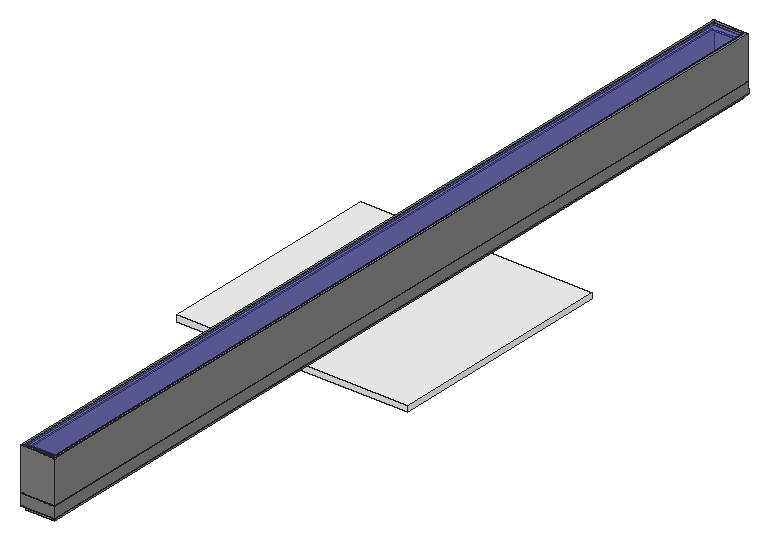
Revit family "BE_24320_de_DE", category Leuchten, Revit 2015
Parameters (values of type "BEGA_24320_Grafit_K4")
  built-in parameter 1150104 = 16.606 (stored number, unit not read)
  Wattage = 48 W
  Default Elevation = 0 mm
  built-in parameter 1150113 = 1 (stored number, unit not read)
  built-in parameter 1114218 = 1 (stored number, unit not read)
  Umgebungstemperatur = "25 °C"
  URL = "http://www.bega.de/produkt/24320"
  Typenkommentare = "© 2017 BEGA. Wir behalten uns das Recht vor, technische Änderungen ohne vorherige Ankündigung vorzunehmen."  # constant formula
  Type Image = 24320.png
  built-in parameter 1150134 = 12
  built-in parameter 1150109 = 1 (stored number, unit not read)
  Strom = ""
  built-in parameter 1150110 = 1 (stored number, unit not read)
  Spannung = 239.996 V
  Sonderanfertigung = no
  Seriennummer [instance] = "Hier können Sie die eindeutige Seriennummer für das Facility Management eintragen."
  Schutzklasse = "I"
  Schutzart = "IP 65"
  Scheinlast = 0 VA
  Produktdatenblatt = "http://www.bega.de/download/Xrfa/db/24320.db.de.pdf"
  Oberflächentemperatur = ""
  Neigungswinkel = 0.00°
  Modell = "24320K4"
  Material_17 = BEGA_Reflektor
  Material_15 = BEGA_Leuchtmedium_matt
  Material_11 = BEGA_Glas_opal
  Material_09 = BEGA_Glas_klar
  Material_06 = BEGA_Oberfläche_Edelstahl_gebürstet
  Material_05 = BEGA_Oberfläche_Aluminium Guss
  Material_03 = BEGA_Oberfläche_Weiss_matt
  Material_02 = BEGA_Oberfläche_Silber_matt
  Material_01 [instance] = BEGA_Oberfläche_Grafit_matt
  M_W = no
  M_G = yes
  M_A = no
  Logo = 0
  built-in parameter 1114217 = 1 (stored number, unit not read)
  built-in parameter 1150139 = (empty or 0)
  built-in parameter 1150105 = 682.77 (stored number, unit not read)
  built-in parameter 1150114 = 1 (stored number, unit not read)
  Lumens = 8580 lm
  built-in parameter 1150115 = 1 (stored number, unit not read)
  Leuchtenlichtstrom = "3431 lm"
  Leuchtenanzahl = ""
  Lebensdauerkriterien = "L70B50 @ 25 °C = 500000 h"
  Lastklassifizierung = Beleuchtung
  built-in parameter 1150112 = 1 (stored number, unit not read)
  Lampenlichtstrom = "8580 lm"
  Lampe = "LED 48 W"
  LED_Modulbezeichnung = "LED-0772/840"
  built-in parameter 1150142 = (empty or 0)
  Hersteller = "BEGA"  # constant formula
  Halbstreuwinkel = ""
  Gewicht = "9.1 kg"
  Gebrauchslageneinschränkung [instance] = ""
  Frequenz = "0/50-60 Hz"
  Farbwiedergabeindex = "Ra > 80"
  Farbtemperaturverschiebung bei Dämpfen der Lampe = <Keine Auswahl>
  Farbtemperatur = "4000 K"
  Color Filter = 16777215
  built-in parameter 1150133 = 10 (stored number, unit not read)
  Energieeffizienzklasse = "LED A++ - A"
  built-in parameter 1150137 = (empty or 0)
  built-in parameter 1150132 = (empty or 0)
  ENEC = ""
  Dimmbar [instance] = "DALI"
  Datei für fotometrisches Netz = "BE_24320K4.IES"
  CE_Konformität = "ja"
  Bestellnummer = "24320K4"
  Beschreibung_Sonderanfertigung = "Hier können Sie Informationen zur Sonderanfertigung eintragen."
  Beschreibung = "Decken- und Wandleuchte"
  built-in parameter 1150106 = 6.8277 (stored number, unit not read)
  Befestigungsbohrung = "Ø 7 mm"
  Befestigungsabstand = "1100 mm"
  Ballwurfsicher = ""
  BEGA_Intern_aus = yes
  BEGA_Intern_an = yes
  BEGA_Intern_Konstruktion = yes
  BEGA_Intern = yes
  BEGA_IES = yes
  BEGA_Dummy = no
  Anschlussleitung = ""
  Anschlussleistung [instance] = "55 W"
  Anschlusskasten = ""
  built-in parameter 1150107 = 4000 (stored number, unit not read)
  built-in parameter 1150102 = (empty or 0)
  built-in parameter 1150138 = (empty or 0)
  Aktualisierung = "2017-06-27T04:08:34"
  Abstand_zur_angestrahlten_Fläche [instance] = ""
  AC/DC = "AC/DC"
Types (2, lengths in mm): name | built-in parameter 1150104 | built-in parameter 1150134 | Modell | built-in parameter 1150105 | Lumens | Leuchtenlichtstrom | Lampenlichtstrom | LED_Modulbezeichnung | Farbtemperatur | Datei für fotometrisches Netz | Bestellnummer | built-in parameter 1150106 | built-in parameter 1150107
  BEGA_24320_Grafit_K4 | 16.606 (stored number, unit not read) | 12 | "24320K4" | 682.77 (stored number, unit not read) | 8580 lm | "3431 lm" | "8580 lm" | "LED-0772/840" | "4000 K" | "BE_24320K4.IES" | "24320K4" | 6.8277 (stored number, unit not read) | 4000 (stored number, unit not read)
  BEGA_24320_Grafit_K3 | 16.258 (stored number, unit not read) | (empty or 0) | "24320" | 668.45 (stored number, unit not read) | 8400 lm | "3359 lm" | "8400 lm" | "LED-0772/830" | "3000 K" | "BE_24320.IES" | "24320" | 6.6845 (stored number, unit not read) | 3000 (stored number, unit not read)
Reference planes
  plane 1 "Mitte (Vorne/Hinten)": y = 0
  plane 2: z = 0
  plane 3 "Mitte (Links/Rechts)": x = 0
  plane 4 "Links": x = -30
  plane 5 "Rechts": x = 30
  plane 6 "Unten": y = -752
  plane 7 "Oben": y = 752
  plane 8 "Vorne": z = 101
  plane 9 "Hinten": z = 0
Forms (mm)
  Extrusion 1, solid, material "BEGA_Platte_Weiss"
    sketch origin (0, -1119.2, 0) x (1, 0, 0) y (0, 1, 0)
      loop
        line (-200, 1319.2) -> (-200, 919.2) -> (200, 919.2) -> (200, 1319.2) -> (-200, 1319.2)
    from 0 to -10
  Extrusion 2, solid, material "BEGA_Dummy_matt", visible <- "BEGA_Dummy"
    sketch origin (80.095, -76.023, 0) x (1, 0, 0) y (0, 1, 0)
      loop
        line (-110.095, 828.023) -> (-110.095, -675.977) -> (-50.095, -675.977) -> (-50.095, 828.023) -> (-110.095, 828.023)
    from 0 to 25.379
Dimensions and locks
  plane 1 "Mitte (Vorne/Hinten)" to Extrusion 1 = 200 mm
  aligned and locked: plane 2 to Extrusion 1
  aligned and locked: level to Extrusion 1
Nested families
  nested 1: "BE_24320" at (0, 0, 0) x (0, 1, 0) z (0, 0, 1), type "BE_24320"
Connectors
  electrical at (0, 0, 0), driven by "Lastklassifizierung", driven by "Spannung", driven by "Scheinlast"
    settings: index 1, voltage 239.996 V, apparent load 0 VA, apparent load phase1 0 VA, apparent load phase2 0 VA, apparent load phase3 0 VA, power factor 1, load classification "Beleuchtung", number of poles 1, system type 31, power factor state 1, is connector primary yes, connector utility no, sub classification motor no, connector description ""
Definition of nested family "BE_24320"
  Parameters (values of type "BE_24320")
    Default Elevation = 1 mm
    URL = "http://www.bega.de/de/produkt"
    Type Comments = "© 2015 BEGA. Wir behalten uns das Recht vor, technische Änderungen ohne vorherige Ankündigung vorzunehmen. "  # constant formula
    Type Image = (empty or 0)
    Neigungswinkel_um_Z2 = 0.00°
    Neigungswinkel_um_Z1 = 0.00°
    Neigungswinkel_um_Y2 = 0.00°
    Neigungswinkel_um_Y1 = 0.00°
    Neigungswinkel_um_X2 = 0.00°
    Neigungswinkel_um_X1 = 0.00°
    Material_17 = none
    Material_15 = none
    Material_11 = none
    Material_09 = none
    Material_06 = none
    Material_05 = none
    Material_03 = none
    Material_02 = none
    Material_01 = none
    M_W = yes
    M_G = yes
    M_A = yes
    Länge_Platte = 1700 mm  # constant formula
    Höhe_Platte = -10 mm  # constant formula
    Manufacturer = "BEGA"  # constant formula
    Drehwinkel_um_Z2 = 0.00°
    Drehwinkel_um_Z1 = 0.00°
    Breite_Platte = 200 mm  # constant formula
  Reference planes
    plane 1 "Mitte (Oben/Unten)": y = 0
    plane 2: z = 0
    plane 3 "Mitte (Links/Rechts)": x = 0
    plane 4: z = 101
    plane 5: y = 30
    plane 6: y = -30
    plane 7: x = -752
    plane 8: x = 752
  Forms (mm)
    Extrusion 1, solid, detail levels medium
      sketch origin (0, 0, 0) x (1, 0, 0) y (0, 1, 0)
        loop
          line (-850, 100) -> (-850, -100) -> (850, -100) -> (850, 100) -> (-850, 100)
      from 0 to -10 <- "Höhe_Platte"
    Sweep 2, solid, material <- "Material_01", detail levels medium+fine
      path origin (0, 0, 0) x (1, 0, 0) y (0, 1, 0)
        loop
          line (-752, 30) -> (-752, -30) -> (752, -30) -> (752, 30) -> (-752, 30)
      profile origin (0, 30, 0) x (0, 1, 0) y (0, 0, 1)
        loop
          line (-0.5, 101) -> (-3.044, 101) -> (-4.682, 96.5) -> (-8, 96.5) -> (-8, 94) -> (-2.8, 94) -> (-2.8, 26) -> (-0.5, 26)
          arc (-0.5, 26) -> (-0.146, 26.146) -> (0, 26.5) r 0.5
          line (0, 26.5) -> (0, 100.5)
          arc (0, 100.5) -> (-0.146, 100.854) -> (-0.5, 101) r 0.5
    Extrusion 3, solid, material <- "Material_11", detail levels medium+fine
      sketch origin (0, 0, 0) x (0, 1, 0) y (0, 0, 1)
        loop
          line (25, 96.7) -> (25, 100.7) -> (-25, 100.7) -> (-25, 96.7) -> (25, 96.7)
      from -747 to 747
    Sweep 4, solid, material <- "Material_01", detail levels medium+fine
      path origin (0, 0, 0) x (1, 0, 0) y (0, 1, 0)
        loop
          line (752, 30) -> (-752, 30) -> (-752, -30) -> (752, -30) -> (752, 30)
      profile origin (0, 30, 0) x (0, -1, 0) y (0, 0, 1)
        loop
          arc (0, 6.5) -> (0.146, 6.146) -> (0.5, 6) r 0.5
          line (0.5, 6) -> (5, 6) -> (5, 0) -> (25, 0) -> (25, 10) -> (4, 10) -> (4, 26) -> (0, 26) -> (0, 6.5)
    Extrusion 5, solid, material <- "Material_01", detail levels medium+fine
      sketch origin (0, 0, 0) x (0, 1, 0) y (0, 0, 1)
        loop
          line (5, 10) -> (-5, 10) -> (-5, 0) -> (5, 0) -> (5, 10)
      from 730.7 to -727
    Extrusion 6, void
      sketch origin (0, 0, 0) x (1, 0, 0) y (0, 1, 0)
        loop
          arc (-75, 20) -> (-95, 0) -> (-75, -20) r 20
          line (-75, -20) -> (75, -20)
          arc (75, -20) -> (95, 0) -> (75, 20) r 20
          line (75, 20) -> (-75, 20)
        loop
          arc (545, 3.5) -> (541.5, 0) -> (545, -3.5) r 3.5
          line (545, -3.5) -> (555, -3.5)
          arc (555, -3.5) -> (558.5, 0) -> (555, 3.5) r 3.5
          line (555, 3.5) -> (545, 3.5)
        loop
          arc (-553.5, -5) -> (-550, -8.5) -> (-546.5, -5) r 3.5
          line (-546.5, -5) -> (-546.5, 5)
          arc (-546.5, 5) -> (-550, 8.5) -> (-553.5, 5) r 3.5
          line (-553.5, 5) -> (-553.5, -5)
      from 11.948 to -0.793
    Revolve 7, solid, material <- "Material_06", detail levels fine
      sketch origin (450, 0, 0) x (0, 1, 0) y (0, 0, -1)
        loop
          line (30, -22.75) -> (32.2, -22.75) -> (32.2, -18.8) -> (30, -18.8) -> (30, -22.75)
        axis (30, -18.8) -> (32.2, -18.8)
      angle from 0 to 360
    Revolve 8, solid, material <- "Material_06", detail levels fine
      sketch origin (-450, 0, 0) x (0, 1, 0) y (0, 0, 1)
        loop
          line (30, 22.75) -> (30, 18.8) -> (32.2, 18.8) -> (32.2, 22.75) -> (30, 22.75)
        axis (30, 18.8) -> (32.2, 18.8)
      angle from 0 to 360
    Extrusion 9, solid, material <- "Material_01", detail levels medium+fine
      sketch origin (0, 0, 0) x (-1, 0, 0) y (0, 0, -1)
        loop
          line (738.5, -94) -> (738.5, -96.5) -> (747.8, -96.5) -> (747.8, -94) -> (738.5, -94)
        loop
          line (-738.5, -94) -> (-747.8, -94) -> (-747.8, -96.5) -> (-738.5, -96.5) -> (-738.5, -94)
      from -22.05 to 22.05
  Cuts and joins
    Extrusion 6 cuts Sweep 4
    Extrusion 6 cuts Extrusion 5
    joined: Sweep 4, Extrusion 5
    joined: Sweep 2, Extrusion 9
  Dimensions and locks
    equal spacing: Extrusion 1 sketch curve, plane 3 "Mitte (Links/Rechts)", Extrusion 1 sketch curve
    equal spacing: Extrusion 1 sketch curve, plane 1 "Mitte (Oben/Unten)", Extrusion 1 sketch curve
    "Länge_Platte": Extrusion 1 sketch curve to Extrusion 1 sketch curve
    "Breite_Platte": Extrusion 1 sketch curve to Extrusion 1 sketch curve
    aligned and locked: Extrusion 1 to plane 2
    aligned and locked: level to Extrusion 1
  Automatic sketch dimensions
    Sweep 2 sketch curve to plane 6 = 0 mm
    Sweep 2 sketch curve to plane 5 = 0 mm
    Sweep 2 sketch curve to profile plane = 0 mm
    profile plane to Sweep 2 sketch curve = 0.5 mm
    Sweep 2 sketch curve to Sweep 2 sketch curve = 0.5 mm
    Sweep 2 sketch curve to Sweep 2 sketch curve = 2.3 mm
    Sweep 2 sketch curve to Sweep 2 sketch curve = 2.544 mm
    Sweep 2 sketch curve to Sweep 2 sketch curve = 1.882 mm
    Sweep 2 sketch curve to Sweep 2 sketch curve = 3.318 mm
    level to Sweep 2 sketch curve = 26 mm
    Sweep 2 sketch curve to Sweep 2 sketch curve = 67.5 mm
    Sweep 2 sketch curve to Sweep 2 sketch curve = 2.5 mm
    Sweep 2 sketch curve to Sweep 2 sketch curve = 4 mm
    Extrusion 3 sketch curve to plane 6 = 5 mm
    Extrusion 3 sketch curve to plane 4 = 0.3 mm
    Extrusion 3 sketch curve to plane 5 = 5 mm
    Extrusion 3 sketch curve to Extrusion 3 sketch curve = 4 mm
    Sweep 4 sketch curve to plane 5 = 0 mm
    Sweep 4 sketch curve to plane 6 = 0 mm
    Sweep 4 sketch curve to profile plane = 0 mm
    Sweep 4 sketch curve to level = 0 mm
    Sweep 4 sketch curve to Sweep 4 sketch curve = 0.5 mm
    Sweep 4 sketch curve to Sweep 4 sketch curve = 4 mm  (x2)
    Sweep 4 sketch curve to Sweep 4 sketch curve = 1 mm
    Sweep 4 sketch curve to Sweep 4 sketch curve = 20 mm
    Sweep 4 sketch curve to Sweep 4 sketch curve = 6 mm
    Sweep 4 sketch curve to Sweep 4 sketch curve = 16 mm
    Extrusion 5 sketch curve to level = 0 mm
    plane 1 "Mitte (Oben/Unten)" to Extrusion 5 sketch curve = 5 mm
    Extrusion 5 sketch curve to plane 1 "Mitte (Oben/Unten)" = 5 mm
    Extrusion 5 sketch curve to Extrusion 5 sketch curve = 10 mm
    plane 1 "Mitte (Oben/Unten)" to Extrusion 6 sketch curve = 0 mm  (x2)
    plane 1 "Mitte (Oben/Unten)" to Extrusion 6 sketch curve = 5 mm
    Extrusion 6 sketch curve to Extrusion 6 sketch curve = 3.5 mm
    Extrusion 6 sketch curve to plane 6 = 10 mm
    Extrusion 6 sketch curve to plane 3 "Mitte (Links/Rechts)" = 75 mm
    plane 3 "Mitte (Links/Rechts)" to Extrusion 6 sketch curve = 75 mm
    plane 1 "Mitte (Oben/Unten)" to Extrusion 6 sketch curve = 3.5 mm
    Extrusion 6 sketch curve to Extrusion 6 sketch curve = 10 mm
    Extrusion 6 sketch curve to plane 1 "Mitte (Oben/Unten)" = 5 mm
    Revolve 7 sketch curve to plane 5 = 0 mm
    Revolve 7 sketch curve to Revolve 7 sketch curve = 2.2 mm
    level to Revolve 7 sketch curve = 22.75 mm
    Revolve 7 sketch curve to Revolve 7 sketch curve = 3.95 mm
    Revolve 7 sketch curve to plane 5 = 2 mm
    Revolve 7 sketch curve to Revolve 7 sketch curve = 2 mm
    Revolve 7 sketch curve to Revolve 7 sketch curve = 0 mm
    Revolve 8 sketch curve to plane 5 = 0 mm
    Revolve 8 sketch curve to Revolve 8 sketch curve = 2.2 mm
    level to Revolve 8 sketch curve = 18.8 mm
    Revolve 8 sketch curve to Revolve 8 sketch curve = 3.95 mm
    Revolve 8 sketch curve to plane 5 = 2 mm
    Revolve 8 sketch curve to Revolve 8 sketch curve = 2 mm
    Revolve 8 sketch curve to Revolve 8 sketch curve = 0 mm
    plane 4 to Extrusion 9 sketch curve = 7 mm
    plane 4 to Extrusion 9 sketch curve = 4.5 mm  (x2)
    Extrusion 9 sketch curve to Extrusion 9 sketch curve = 9.3 mm  (x2)
    Extrusion 9 sketch curve to Extrusion 9 sketch curve = 2.5 mm
    Sweep 2 sketch curve to plane 3 "Mitte (Links/Rechts)" = 752 mm
    Sweep 4 sketch curve to plane 3 "Mitte (Links/Rechts)" = 752 mm
    Extrusion 6 sketch curve to Extrusion 6 sketch curve = 471.5 mm
    plane 3 "Mitte (Links/Rechts)" to Extrusion 9 sketch curve = 738.5 mm
    plane 3 "Mitte (Links/Rechts)" to Sweep 2 sketch curve = 752 mm
    plane 3 "Mitte (Links/Rechts)" to Sweep 4 sketch curve = 752 mm
    Extrusion 6 sketch curve to Extrusion 6 sketch curve = 470 mm
    Extrusion 9 sketch curve to plane 3 "Mitte (Links/Rechts)" = 738.5 mm
